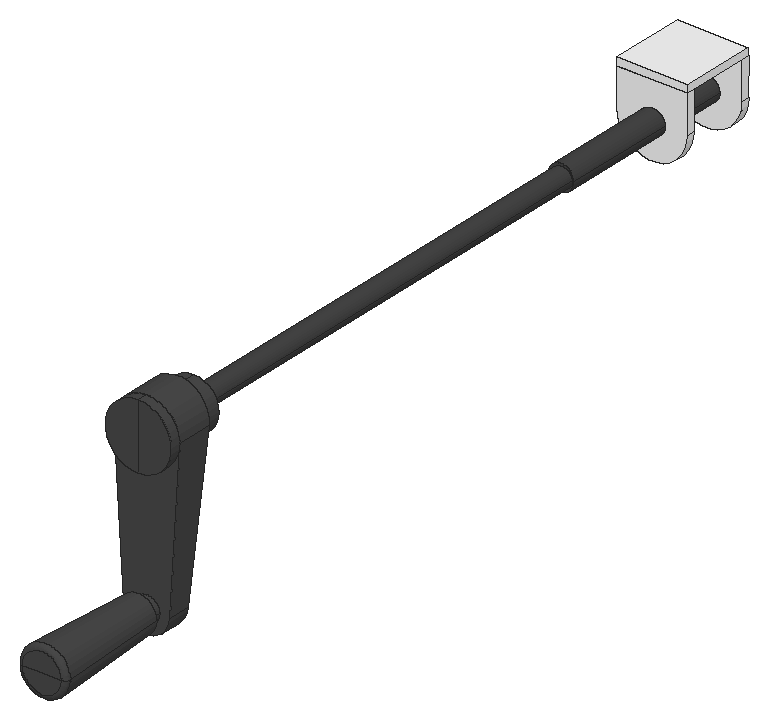
Revit family "Veivikorkeudensäädin", category Casework, Revit 2015
Parameters (values of type "6244")
  URL = "http://www.korpinen.com/"
  NominalLength = 0 mm
  NominalHeight = 0 mm
  NominalDepth = 0 mm
  Model = "Veivikorkeudensäädin"
  Manufacturer = "Korpinen"
  Keynote = "6244"
  IfcExportType = ""
  IfcExportAs = ""
  IfcClassification = ""
  Depth = 332.288 mm
  Height = 812 mm
  Width = 28 mm
  Author = "ProdLib Oy"
Reference planes
  plane 1 "Back": y = -277.312
  plane 2: z = 0
  plane 3 "Center (Left/Right)": x = 18.738
  plane 4 "Left": x = 4.738
  plane 5 "Right": x = 32.738
  plane 6 "Front": y = -609.6
  plane 7 "Top": z = 812
  plane 8: z = 809
  plane 9: x = 23.738
  plane 10: x = 22.772
  plane 11: y = -307.312
  plane 12: y = -352.312
  plane 13: y = -304.312
  plane 14: y = -280.312
  plane 15: z = 794
  plane 16: z = 780
  plane 17: z = 794
  plane 18: z = 780
Forms (mm)
  Extrusion 1, solid, material "RAL 9016 - White"
    sketch origin (0, 0, 0) x (1, 0, 0) y (0, 1, 0)
      loop
        line (4.738, -277.312) -> (4.738, -307.312) -> (32.738, -307.312) -> (32.738, -277.312) -> (4.738, -277.312)
    from 809 to 812
  Sweep 2, solid, material "Stainless Steel"
    path origin (0, 0, 0) x (1, 0, 0) y (0, 1, 0)
      loop
        line (18.738, -352.312) -> (18.738, -277.312)
    profile origin (18.738, -314.812, 0) x (-1, 0, 0) y (0, 0, 1)
      loop
        circle (0, 794) r 5
  Extrusion 3, solid, material "RAL 9016 - White"
    sketch origin (0, -609.6, 0) x (1, 0, 0) y (0, 0, 1)
      loop
        line (4.738, 809) -> (4.738, 794)
        arc (4.738, 794) -> (18.738, 780) -> (32.738, 794) r 14
        line (32.738, 794) -> (32.738, 809) -> (4.738, 809)
      loop
        circle (18.738, 794) r 5
    from -332.288 to -329.288
  Extrusion 4, solid, material "RAL 9016 - White"
    sketch origin (0, -609.6, 0) x (1, 0, 0) y (0, 0, 1)
      loop
        line (4.738, 809) -> (4.738, 794)
        arc (4.738, 794) -> (18.738, 780) -> (32.738, 794) r 14
        line (32.738, 794) -> (32.738, 809) -> (4.738, 809)
      loop
        circle (18.738, 794) r 5
    from -302.288 to -305.288
Lines and regions (mm)
  symbolic lines
    curve 1: line (4.738, -609.6, 812) -> (32.738, -609.6, 812)
    curve 2: line (32.738, -609.6, 812) -> (32.738, -609.6, 794)
    curve 3: line (4.738, -609.6, 812) -> (4.738, -609.6, 794)
    curve 4: line (5.738, -609.6, 794.1) -> (9.543, -609.6, 733.796)
    curve 5: line (27.932, -609.6, 733.796) -> (31.737, -609.6, 794.1)
    curve 6: arc (31.737, -609.6, 794.1) -> (18.738, -609.6, 807.099) -> (5.738, -609.6, 794.1) r 13
    curve 7: arc (5.738, -609.6, 794.1) -> (18.738, -609.6, 781.1) -> (31.737, -609.6, 794.1) r 13
    curve 8: arc (32.738, -609.6, 794) -> (32.386, -609.6, 790.88) -> (31.347, -609.6, 787.917) r 14
    curve 9: arc (4.738, -609.6, 794) -> (5.09, -609.6, 790.88) -> (6.128, -609.6, 787.917) r 14
    curve 10: arc (9.128, -609.6, 731) -> (18.738, -609.6, 721.39) -> (28.348, -609.6, 731) r 9.61
    curve 11: arc (28.348, -609.6, 731) -> (28.243, -609.6, 732.413) -> (27.932, -609.6, 733.796) r 9.61
    curve 12: arc (9.128, -609.6, 731) -> (9.232, -609.6, 732.413) -> (9.543, -609.6, 733.796) r 9.61
    curve 13: line (4.738, -609.6, 809) -> (32.738, -609.6, 809)
    curve 14: line (32.738, -557.686, 781) -> (32.738, -561.966, 781)
    curve 15: line (32.738, -561.966, 781) -> (32.738, -561.966, 807)
    curve 16: line (32.738, -561.966, 807) -> (32.738, -542.241, 807)
    curve 17: line (32.738, -542.241, 807) -> (32.738, -549.572, 722.003)
    curve 18: line (32.738, -549.572, 722.003) -> (32.738, -557.686, 722.003)
    curve 19: line (32.738, -557.686, 722.003) -> (32.738, -557.686, 807)
    curve 20: line (32.738, -557.686, 794.1) -> (32.738, -543.354, 794.1)
    curve 21: line (32.738, -561.966, 736) -> (32.738, -557.686, 736)
    curve 22: line (32.738, -561.966, 726) -> (32.738, -557.686, 726)
    curve 23: line (32.738, -561.966, 738.319) -> (32.738, -561.966, 723.681)
    curve 24: line (32.738, -561.966, 723.681) -> (32.738, -607.593, 721.39)
    curve 25: line (32.738, -607.593, 721.39) -> (32.738, -607.593, 740.61)
    curve 26: line (32.738, -607.593, 740.61) -> (32.738, -561.966, 738.319)
    curve 27: line (32.738, -534.6, 804) -> (32.738, -542.5, 804)
    curve 28: line (32.738, -534.6, 804) -> (32.738, -534.6, 784)
    curve 29: line (32.738, -534.6, 784) -> (32.738, -544.225, 784)
    curve 30: line (32.738, -534.6, 798.048) -> (32.738, -352.312, 798.048)
    curve 31: line (32.738, -534.6, 790.023) -> (32.738, -352.312, 790.023)
    curve 32: line (32.738, -352.312, 799) -> (32.738, -352.312, 789)
    curve 33: line (32.738, -352.312, 789) -> (32.738, -307.312, 789)
    curve 34: line (32.738, -352.312, 799) -> (32.738, -307.312, 799)
    curve 35: line (32.738, -304.312, 780) -> (32.738, -307.312, 780)
    curve 36: line (32.738, -307.312, 780) -> (32.738, -307.312, 812)
    curve 37: line (32.738, -307.312, 812) -> (32.738, -277.312, 812)
    curve 38: line (32.738, -277.312, 812) -> (32.738, -277.312, 780)
    curve 39: line (32.738, -277.312, 780) -> (32.738, -280.312, 780)
    curve 40: line (32.738, -280.312, 780) -> (32.738, -280.312, 809)
    curve 41: line (32.738, -280.312, 809) -> (32.738, -304.312, 809)
    curve 42: line (32.738, -304.312, 799) -> (32.738, -280.312, 799)
    curve 43: line (32.738, -304.312, 789) -> (32.738, -280.312, 789)
    curve 44: arc (32.738, -607.593, 740.61) -> (32.738, -608.992, 740.099) -> (32.738, -609.6, 738.738) r 1.912
    curve 45: arc (32.738, -607.593, 721.39) -> (32.738, -608.992, 721.901) -> (32.738, -609.6, 723.262) r 1.912
    curve 46: line (32.738, -609.6, 723.262) -> (32.738, -609.6, 738.738)
    curve 47: line (32.738, -304.312, 809) -> (32.738, -304.312, 780)
    curve 48: arc (9.128, -609.6, 731) -> (18.738, -609.6, 721.39) -> (28.348, -609.6, 731) r 9.61
    curve 49: arc (9.543, -609.6, 733.796) -> (18.738, -609.6, 740.61) -> (27.932, -609.6, 733.796) r 9.61
    curve 50: line (9.128, -607.593, 0) -> (28.348, -607.593, 0)
    curve 51: line (28.348, -607.593, 0) -> (26.057, -561.966, 0)
    curve 52: line (9.128, -607.593, 0) -> (11.419, -561.966, 0)
    curve 53: line (5.738, -561.966, 0) -> (31.738, -561.966, 0)
    curve 54: line (31.738, -561.966, 0) -> (31.738, -543.37, 0)
    curve 55: line (5.738, -561.966, 0) -> (5.738, -543.37, 0)
    curve 56: spline (5.738, -543.37, 0) -> (6.181, -543.074, 0) -> (7.479, -542.799, 0) -> (9.545, -542.562, 0) -> (12.238, -542.381, 0) -> (15.373, -542.267, 0) -> (18.738, -542.228, 0) -> (22.102, -542.267, 0) -> (25.238, -542.381, 0) -> (27.93, -542.562, 0) -> (29.996, -542.799, 0) -> (31.295, -543.074, 0) -> (31.738, -543.37, 0)
    curve 57: arc (9.128, -607.593, 0) -> (9.639, -608.992, 0) -> (11, -609.6, 0) r 1.912
    curve 58: arc (28.348, -607.593, 0) -> (27.836, -608.992, 0) -> (26.476, -609.6, 0) r 1.912
    curve 59: line (26.476, -609.6, 0) -> (11, -609.6, 0)
    curve 60: line (5.738, -557.686, 0) -> (31.738, -557.686, 0)
    curve 61: line (8.738, -534.6, 0) -> (28.738, -534.6, 0)
    curve 62: line (28.738, -534.6, 0) -> (28.738, -542.646, 0)
    curve 63: line (8.738, -534.6, 0) -> (8.738, -542.648, 0)
    curve 64: line (13.738, -352.312, 0) -> (23.738, -352.312, 0)
    curve 65: line (23.738, -352.312, 0) -> (23.738, -307.312, 0)
    curve 66: line (22.772, -534.6, 0) -> (22.772, -352.312, 0)
    curve 67: line (14.71, -534.6, 0) -> (14.71, -352.312, 0)
    curve 68: line (4.738, -307.312, 0) -> (32.738, -307.312, 0)
    curve 69: line (13.738, -352.312, 0) -> (13.738, -307.312, 0)
    curve 70: line (32.738, -307.312, 0) -> (32.738, -277.312, 0)
    curve 71: line (32.738, -277.312, 0) -> (4.738, -277.312, 0)
    curve 72: line (4.738, -277.312, 0) -> (4.738, -307.312, 0)
Dimensions and locks
  "Depth": plane 6 "Front" to plane 1 "Back"
  "Width": plane 4 "Left" to plane 5 "Right"
  equal spacing: plane 4 "Left", plane 3 "Center (Left/Right)", plane 5 "Right"
  "Height": level to plane 7 "Top"
  locked: plane 11 to plane 1 "Back" at 30
  locked: plane 11 to plane 12 at 45
  locked: plane 11 to plane 13 at 3
  locked: plane 14 to plane 1 "Back" at 3
  nested 1 to plane 16 = 14 mm
  aligned and locked: plane 2 to level
  aligned and locked: nested 1 to plane 6 "Front"
  aligned and locked: Extrusion 1 to plane 7 "Top"
  aligned and locked: Extrusion 1 to plane 8
  aligned and locked: plane 9 to Sweep 2 sketch curve
  aligned and locked: nested 1 to Sweep 2 sketch curve  (x2)
  aligned and locked: plane 8 to Extrusion 3 sketch curve  (x2)
  aligned and locked: plane 5 "Right" to Extrusion 3 sketch curve  (x2)
  aligned and locked: plane 4 "Left" to Extrusion 3 sketch curve  (x2)
  aligned and locked: plane 15 to Extrusion 3 sketch curve  (x4)
  aligned and locked: plane 9 to Extrusion 3 sketch curve
  aligned and locked: Extrusion 3 to plane 1 "Back"
  aligned and locked: Extrusion 3 to plane 14
  aligned and locked: plane 17 to Extrusion 4 sketch curve  (x4)
  aligned and locked: plane 13 to Extrusion 4
  aligned and locked: Extrusion 4 to plane 11
  aligned and locked: Extrusion 4 to plane 5 "Right"
  aligned and locked: plane 4 "Left" to Extrusion 4
  aligned and locked: plane 1 "Back" to nested 1
Automatic sketch dimensions
  plane 1 "Back" to Extrusion 1 sketch curve = 0 mm
  Extrusion 1 sketch curve to plane 4 "Left" = 0 mm
  Extrusion 1 sketch curve to plane 5 "Right" = 0 mm
  Extrusion 1 sketch curve to plane 11 = 0 mm
  plane 1 "Back" to Sweep 2 sketch curve = 0 mm
  Sweep 2 sketch curve to plane 3 "Center (Left/Right)" = 0 mm
  Sweep 2 sketch curve to plane 12 = 0 mm
  Sweep 2 sketch curve to Sweep 2 sketch curve = 0 mm
  Sweep 2 sketch curve to profile plane = 0 mm
  Extrusion 3 sketch curve to Extrusion 3 sketch curve = 0 mm
  Extrusion 4 sketch curve to Extrusion 4 sketch curve = 0 mm  (x3)
  Extrusion 4 sketch curve to plane 8 = 0 mm
  plane 5 "Right" to Extrusion 4 sketch curve = 28 mm
  Extrusion 4 sketch curve to Extrusion 4 sketch curve = 14 mm
  Extrusion 4 sketch curve to Extrusion 4 sketch curve = 5 mm
  curve 39 to plane 1 "Back" = 0 mm
  curve 42 to plane 14 = 0 mm
  curve 47 to plane 13 = 0 mm
  curve 41 to plane 8 = 0 mm
  curve 36 to plane 11 = 0 mm
  curve 34 to plane 12 = 0 mm
  curve 46 to plane 6 "Front" = 0 mm
  plane 7 "Top" to curve 37 = 0 mm
  curve 28 to plane 8 = 25 mm
  curve 28 to plane 6 "Front" = 75 mm
  curve 16 to plane 8 = 2 mm
  curve 27 to curve 16 = 7.641 mm
  curve 18 to plane 6 "Front" = 60.028 mm
  curve 17 to curve 19 = 8.114 mm
  curve 21 to curve 23 = 4.28 mm
  curve 14 to curve 14 = 4.28 mm
  curve 25 to plane 6 "Front" = 2.007 mm
  curve 44 to plane 6 "Front" = 1.911 mm
  curve 45 to plane 6 "Front" = 1.911 mm
  curve 15 to curve 29 = 3 mm
  curve 38 to plane 8 = 29 mm
  curve 39 to curve 36 = 0 mm
  curve 25 to curve 14 = 40.39 mm
  curve 46 to curve 44 = 1.872 mm
  curve 23 to curve 14 = 42.681 mm
  curve 24 to curve 23 = 14.638 mm
  curve 45 to curve 44 = 15.401 mm
  curve 46 to curve 45 = 0.038 mm
  curve 18 to curve 23 = 1.678 mm
  curve 33 to plane 8 = 20 mm
  curve 32 to curve 34 = 10 mm
  curve 28 to plane 8 = 5 mm
  curve 30 to curve 20 = 8.754 mm
  curve 21 to curve 23 = 2.319 mm
  curve 23 to curve 22 = 2.319 mm
  curve 43 to curve 33 = 0 mm
  curve 28 to curve 31 = 6.023 mm
  curve 30 to curve 27 = 5.952 mm
  curve 42 to curve 40 = 10 mm
  curve 8 to curve 9 = 0 mm  (x2)
  curve 10 to curve 12 = 0 mm
  curve 10 to curve 48 = 0 mm  (x2)
  curve 11 to curve 48 = 0 mm
  curve 11 to curve 49 = 0 mm
  plane 4 "Left" to curve 9 = 0 mm
  curve 7 to plane 3 "Center (Left/Right)" = 0 mm
  curve 12 to plane 3 "Center (Left/Right)" = 0 mm
  curve 9 to plane 3 "Center (Left/Right)" = 0 mm
  plane 5 "Right" to curve 13 = 0 mm
  curve 13 to plane 8 = 0 mm
  curve 2 to plane 7 "Top" = 0 mm
  curve 4 to plane 4 "Left" = 1 mm
  curve 4 to plane 4 "Left" = 4.806 mm
  curve 5 to plane 9 = 4.194 mm
  curve 4 to plane 8 = 14.9 mm
  curve 8 to curve 6 = 0.1 mm
  curve 4 to curve 3 = 60.204 mm
  curve 48 to curve 5 = 2.796 mm
  curve 48 to curve 10 = 0 mm
  plane 1 "Back" to curve 71 = 0 mm
  curve 71 to plane 4 "Left" = 0 mm
  plane 6 "Front" to curve 57 = 0 mm
  curve 64 to plane 12 = 0 mm
  curve 56 to plane 3 "Center (Left/Right)" = 0 mm
  curve 66 to plane 10 = 0 mm
  curve 64 to plane 9 = 0 mm
  curve 70 to plane 5 "Right" = 0 mm
  curve 72 to plane 11 = 0 mm
  curve 53 to plane 4 "Left" = 1 mm
  curve 61 to plane 4 "Left" = 4 mm
  curve 52 to plane 6 "Front" = 2.007 mm
  curve 52 to plane 4 "Left" = 4.39 mm
  curve 50 to curve 59 = 1.872 mm
  curve 57 to plane 6 "Front" = 1.911 mm
  curve 64 to plane 3 "Center (Left/Right)" = 5 mm
  curve 58 to plane 9 = 2.701 mm
  curve 58 to curve 59 = 0.038 mm
  curve 58 to curve 50 = 1.909 mm
  plane 5 "Right" to curve 62 = 4 mm
  curve 50 to curve 54 = 45.626 mm
  curve 53 to curve 55 = 18.597 mm
  curve 56 to curve 62 = 8.77 mm
  curve 53 to curve 52 = 5.681 mm
  curve 67 to plane 3 "Center (Left/Right)" = 4.028 mm
  curve 51 to plane 9 = 2.319 mm
  curve 53 to curve 60 = 4.28 mm
  curve 55 to curve 63 = 0.722 mm
  curve 56 to curve 62 = 0.724 mm
Nested families
  nested 1: "nostinveivi" at (-25.963, 250.4, 794), type "nostinveivi"
    with vasen 558.011 mm, oikea 36.411 mm, Ulotus 313 mm
Definition of nested family "nostinveivi"
  Parameters (values of type "nostinveivi")
    vasen [instance] = 558.011 mm
    oikea [instance] = 36.411 mm
    material = none
    Ulotus [instance] = 313 mm
    Depth = 785 mm
    Height = 0 mm
    Width = 585 mm
  Reference planes
    plane 1 "Back": y = 0
    plane 2: z = 0
    plane 3 "Center (Left/Right)": x = 44.7
    plane 4 "Front": y = -785
    plane 5 "Top": z = 0
    plane 6: x = 106.111
    plane 7: y = -313
    plane 8: z = -63
    plane 9: y = -860
    plane 10: x = -466.389
    plane 11: x = 73.611
    plane 12: x = -478.889
  Forms (mm)
    Extrusion 1, solid
      sketch origin (0, -785, 0) x (1, 0, 0) y (0, 0, 1)
        loop
          circle (44.7, 0) r 4.034
      from -257.288 to 0
    Extrusion 2, solid
      sketch origin (0, -500, 0) x (1, 0, 0) y (0, 0, 1)
        loop
          arc (57.7, 0.1) -> (44.7, 13) -> (31.701, 0.1) r 13
          line (31.701, 0.1) -> (35.718, -63.567)
          arc (35.718, -63.567) -> (44.7, -72) -> (53.682, -63.567) r 9
          line (53.682, -63.567) -> (57.7, 0.1)
      from 285 to 308.086
    Revolve 3, solid
      sketch origin (44.7, 0, 0) x (0, 1, 0) y (0, 0, 1)
        loop
          line (-785, 10) -> (-808.086, 10) -> (-808.086, 13) -> (-812.366, 13) -> (-812.366, 0) -> (-785, 0) -> (-785, 10)
        axis (-812.366, 0) -> (-785, 0)
      angle from 0 to 360
    Extrusion 4, void
      sketch origin (44.7, 0, 0) x (0, 1, 0) y (0, 0, 1)
        loop
          line (-800.051, -72.907) -> (-785, -72.907) -> (-785, 101.588) -> (-800.051, -72.907)
      from -18 to 18
    Revolve 5, solid
      sketch origin (0, 0, -63) x (0, -1, 0) y (1, 0, 0)
        loop
          line (808.086, 44.7) -> (860, 44.7) -> (860, 52.405)
          arc (860, 52.405) -> (859.406, 53.789) -> (857.993, 54.31) r 1.907
          line (857.993, 54.31) -> (812.366, 52.019) -> (812.366, 49.7) -> (808.086, 49.7) -> (808.086, 44.7)
        axis (808.086, 44.7) -> (860, 44.7)
      angle from 0 to 360
  Cuts and joins
    Extrusion 4 cuts Extrusion 2
  Dimensions and locks
    "Depth": plane 4 "Front" to plane 1 "Back"
    "Height": level to plane 5 "Top"
    "Ulotus": plane 7 to plane 1 "Back"
    plane 9 to plane 4 "Front" = 75 mm
    Revolve 3 sketch curve to plane 4 "Front" to cut or joined group of Extrusion 2, Extrusion 4 to Revolve 3 sketch curve = 0 mm locked, 23.086 mm locked, 4.28 mm locked
    Revolve 5 sketch curve to Revolve 5 sketch curve to plane 4 "Front" = 4.28 mm locked, 23.086 mm locked
    locked: plane 11 to plane 6 at 32.5
    "Width": plane 12 to plane 6
    locked: plane 12 to plane 10 at 12.5
    aligned and locked: level to plane 2
    aligned and locked: Revolve 5 to cut or joined group of Extrusion 2, Extrusion 4
    aligned and locked: Revolve 5 to Revolve 3
    aligned and locked: Revolve 5 sketch curve to plane 9
    aligned and locked: Extrusion 2 to Revolve 3
    aligned and locked: Extrusion 2 to plane 4 "Front"
  Automatic sketch dimensions
    Extrusion 1 sketch curve to level = 0 mm
    Extrusion 1 sketch curve to plane 3 "Center (Left/Right)" = 0 mm
    Extrusion 2 sketch curve to plane 3 "Center (Left/Right)" = 0 mm  (x2)
    Extrusion 2 sketch curve to level = 0 mm
    Extrusion 2 sketch curve to plane 8 = 0 mm
    plane 8 to Extrusion 2 sketch curve = 0.567 mm  (x2)
    Extrusion 2 sketch curve to plane 3 "Center (Left/Right)" = 8.982 mm
    level to Extrusion 2 sketch curve = 0.1 mm  (x2)
    Extrusion 2 sketch curve to plane 3 "Center (Left/Right)" = 13 mm
    plane 4 "Front" to Extrusion 4 sketch curve = 15.051 mm
    Extrusion 4 sketch curve to Extrusion 4 sketch curve = 15.051 mm
    plane 8 to Extrusion 4 sketch curve = 9.907 mm
    level to Extrusion 4 sketch curve = 101.588 mm
    Revolve 3 sketch curve to level = 0 mm  (x2)
    plane 4 "Front" to Revolve 3 sketch curve = 2.953 mm
    Revolve 3 sketch curve to Revolve 3 sketch curve = 4.28 mm
    Revolve 3 sketch curve to Revolve 3 sketch curve = 12.047 mm
    level to Revolve 3 sketch curve = 10 mm
    Revolve 3 sketch curve to Revolve 3 sketch curve = 3 mm
    Revolve 5 sketch curve to plane 3 "Center (Left/Right)" = 0 mm  (x2)
    plane 9 to Revolve 5 sketch curve = 1.907 mm
    Revolve 5 sketch curve to Revolve 5 sketch curve = 0.1 mm
    plane 3 "Center (Left/Right)" to Revolve 5 sketch curve = 5 mm
    Revolve 5 sketch curve to Revolve 5 sketch curve = 5.436 mm
    Revolve 5 sketch curve to Revolve 5 sketch curve = 2.094 mm
    Revolve 5 sketch curve to Revolve 5 sketch curve = 2.319 mm
    Revolve 5 sketch curve to Revolve 5 sketch curve = 7.705 mm
    radius of Extrusion 1 sketch curve = 4.034 mm
